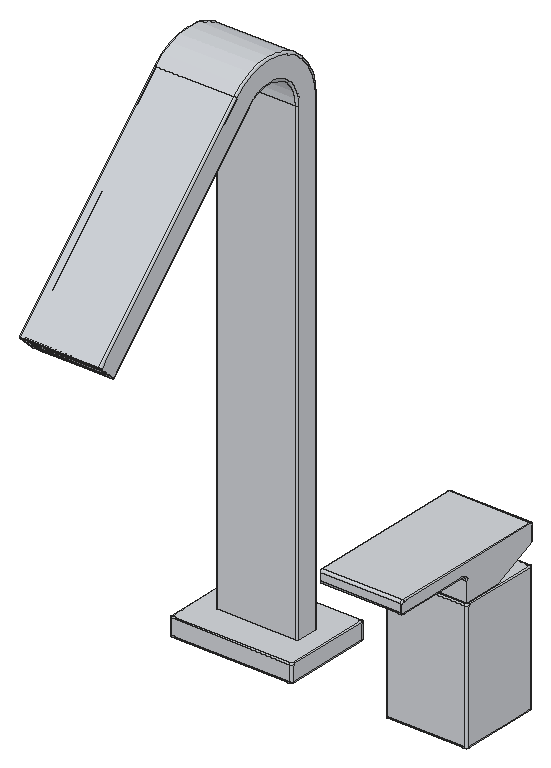
Revit family "Faucet-Deck_Mount-Bath-KOHLER-Loure-K-14675", category Plumbing Fixtures, host Face, Revit 2015
Parameters (values of type "CP- Polished Chrome")
  Width = 3 3/16"  # constant formula
  WaterSense Certified = 1 = 0  # no
  Waste Water Outlet = "Waste Water Outlet"  # constant formula
  Waste Connection = 1 = 0  # no
  Vent Connection = 1 = 0  # no
  URL = "https://www.us.kohler.com/us/"
  Type = 1
  Spout Reach = 6 1/2"  # constant formula
  Product Page URL = "http://www.us.kohler.com/us/catalog/productDetails.jsp?productNumber=14675-4"
  Product Name = "Loure"  # constant formula
  Product Documentation Link = "https://www.us.kohler.com/webassets/kpna/catalog/pdf/en/K-14675-4_spec.pdf"
  Pressure = 45.00 psi  # constant formula
  Model = if(Type = 1, "K-14675-4-CP", if(Type = 2, "K-14675-4-SN", if(Type = 3, "K-14675-4-BN", "NA")))  # "K-14675-4-CP"
  Material = "Premium Metal Construction"  # constant formula
  MasterFormat 2004 = "22.41.39"  # constant formula
  MasterFormat 1995 = "15410"  # constant formula
  Manufacturer Address = "444 Highland Dr, Kohler, WI 53044"  # constant formula
  Manufacturer = "KOHLER Co."  # constant formula
  Length = Spout Reach  # 6 1/2"
  Hot Water Inlet = "Hot Water Inlet"  # constant formula
  Height = 14 7/16"  # constant formula
  Handle Clearance = 3 3/16"  # constant formula
  HW Connection = 1 = 1  # yes
  Flow Rate = 15 GPM  # constant formula
  Finish = Kohler-Metal-CP-Polished_Chrome
  Faucet Hole Spacing [instance] = 5"
  Environmental Product Declaration = ""
  Drain Included = 1 = 0  # no
  Description = "Deck-mount high-flow bath faucet"  # constant formula
  Default Elevation = 36"
  Declare Label = ""
  Date Modified = "02/13/2019"  # constant formula
  Date Created = "02/13/2019"  # constant formula
  Copyright = "Copyright KOHLER Co."  # constant formula
  Contact Us = "https://www.us.kohler.com/us/static/contact.jsp"
  Cold Water Inlet = "Cold Water Inlet"  # constant formula
  CW Connection = 1 = 1  # yes
  Assembly Code = "D2010"
  ADA Compliant = 1 = 0  # no
Types (4): name | Type | Model | Finish
  (no name) | 1 | "K-14675-4-CP" | Kohler-Metal-CP-Polished_Chrome
  CP- Polished Chrome | 1 | "K-14675-4-CP" | Kohler-Metal-CP-Polished_Chrome
  SN- Vibrant Polished Nickel | 2 | "K-14675-4-SN" | Kohler-Metal-SN-Vibrant_Polished_Nickel
  BN- Vibrant Brushed Nickel | 3 | "K-14675-4-BN" | Kohler-Metal-BN-Vibrant_Brushed_Nickel
Reference planes (in)
  plane 1 "Center (Front/Back)": y = 0
  plane 2: z = 0
  plane 3 "Center (Left/Right)": x = 0
  plane 4: x = -1.59375
  plane 5: x = 1.59375
  plane 6: x = -1.59375
  plane 7: z = 14.4375
  plane 8: z = 9.375
  plane 9: y = -6.5
  plane 10: z = 4.375
  plane 11: y = -3.19
  plane 12: y = 1.06
  plane 13: x = 5
  plane 14: y = 1.16535
  plane 15: y = -1.16535
  plane 16: x = 3.9375
  plane 17: x = 6.0625
Dimensions and locks (in)
  "Height": plane 7 to level
  "Length": nested 1 to plane 9
  plane 8 to level = 9 3/8"
  plane 10 to level = 4 3/8"
  plane 11 to plane 12 = 4 1/4"
  equal spacing: plane 16, plane 13, plane 17
  plane 16 to plane 17 = 2 1/8"
  "Faucet Hole Spacing": plane 3 "Center (Left/Right)" to plane 13
  locked: plane 6 to plane 5 at 3.1875
  aligned and locked: plane 2 to host face
  aligned and locked: level to host face
  aligned and locked: plane 13 to nested 2
Automatic sketch dimensions
  host sketch curve to host sketch curve = 96"  (x2)
Nested families (in)
  nested 1: "K-14675_Spout" at (0, 0, 0), type "K-14675_Spout"
  nested 2: "K-14675_Handle" at (5, 0, 0), type "K-14675_Handle"
Connectors (in)
  piping at (4.62802, 0, 0), diameter 0.5, driven by "Flow Rate", driven by "Pressure", driven by "HW Connection", driven by "Hot Water Inlet"
    settings: on nested 2, index 1, connector inside diameter 24", connector length 0", flow factor 0, pipe flow 15 GPM, pressure drop 45.00 psi, fitting loss kfactor 0, connector angle 0.00°, fixture units 0, engagement length 0", angle of deflection 0.00°, flow configuration 1, flow direction 1, fitting loss method 4, system type 19, joint type 0, gender type 0, connector reference index -1, connector utility 1, adjustable connector no, is connector primary yes, connector description "Hot Water Inlet"
  piping at (5.37198, 0, 0), diameter 0.5, driven by "Flow Rate", driven by "Pressure", driven by "CW Connection", driven by "Cold Water Inlet"
    settings: on nested 2, index 2, connector inside diameter 24", connector length 0", flow factor 0, pipe flow 15 GPM, pressure drop 45.00 psi, fitting loss kfactor 0, connector angle 0.00°, fixture units 0, engagement length 0", angle of deflection 0.00°, flow configuration 1, flow direction 1, fitting loss method 4, system type 20, joint type 0, gender type 0, connector reference index -1, connector utility 1, adjustable connector no, is connector primary no, connector description "Cold Water Inlet"
Definition of nested family "K-14675_Spout"
  Parameters (values of type "K-14675_Spout")
    Material = none
  Reference planes (in)
    plane 1 "Center (Front/Back)": y = 0
    plane 2: z = 0
    plane 3 "Center (Left/Right)": x = 0
    plane 4: x = 1.59375
    plane 5: x = -1.59375
    plane 6: z = 14.4375
    plane 7: z = 9.375
    plane 8: y = -6.5
    plane 9: x = -1.0625
    plane 10: x = 1.0625
    plane 11 "abd": through (0, -6.49887, 9.37387) normal (0, 0.7071, 0.7071)
    plane 12 "xz": through (0, -6.49887, 9.37387) normal (0, 0.7071, -0.7071)
    plane 13: y = 1.16535
    plane 14: y = -1.16535
  Forms (in)
    Sweep 1, solid, material <- "Material", detail levels medium+fine
      path origin (0, 0, 0) x (1, 0, 0) y (0, 1, 0)
        loop
          line (1.55859, -1.10281) -> (1.55859, 1.10281)
          arc (1.55859, 1.10281) -> (1.55059, 1.12214) -> (1.53125, 1.13015) r 0.02734
          line (1.53125, 1.13015) -> (-1.53126, 1.13015)
          arc (-1.53126, 1.13015) -> (-1.55059, 1.12214) -> (-1.5586, 1.10281) r 0.02734
          line (-1.5586, 1.10281) -> (-1.5586, -1.10281)
          arc (-1.5586, -1.10281) -> (-1.55059, -1.12214) -> (-1.53126, -1.13015) r 0.02734
          line (-1.53126, -1.13015) -> (1.53125, -1.13015)
          arc (1.53125, -1.13015) -> (1.55059, -1.12214) -> (1.55859, -1.10281) r 0.02734
      profile origin (1.55859, 0, 0) x (-1, 0, 0) y (0, 0, 1)
        loop
          line (0.02393, 0) -> (0.02393, 0.46) -> (-0.01106, 0.46)
          arc (-0.01106, 0.46) -> (-0.02809, 0.45294) -> (-0.03515, 0.43591) r 0.02409
          line (-0.03515, 0.43591) -> (-0.03515, 0.02479)
          arc (-0.03515, 0.02479) -> (-0.02789, 0.00726) -> (-0.01036, 0) r 0.02479
          line (-0.01036, 0) -> (0.02393, 0)
    Extrusion 2, solid, material <- "Material", detail levels medium+fine
      sketch origin (0, 0, 0) x (1, 0, 0) y (0, 1, 0)
        loop
          line (-1.53467, 1.10622) -> (-1.53467, -1.10622) -> (1.53467, -1.10622) -> (1.53467, 1.10622) -> (-1.53467, 1.10622)
      from 0 to 0.45946
    Sweep 3, solid, material <- "Material", detail levels medium+fine
      path origin (0, 0, 0) x (0, 1, 0) y (0, 0, 1)
        loop
          line (-6.32227, 9.19727) -> (-1.93214, 13.58739)
          arc (-1.93214, 13.58739) -> (-0.86198, 13.80026) -> (-0.25578, 12.89302) r 0.98199
          line (-0.25578, 12.89302) -> (-0.25578, 0.44199)
      profile origin (0, -4.1272, 11.39233) x (0, -0.707107, 0.707107) y (1, 0, 0)
        loop
          line (-0.06245, 1.01561) -> (-0.06245, -1.01563)
          arc (-0.06245, -1.01563) -> (-0.04872, -1.04877) -> (-0.01557, -1.0625) r 0.04688
          line (-0.01557, -1.0625) -> (0.51509, -1.0625)
          arc (0.51509, -1.0625) -> (0.54878, -1.04855) -> (0.56274, -1.01486) r 0.04764
          line (0.56274, -1.01486) -> (0.56274, 1.01562)
          arc (0.56274, 1.01562) -> (0.54901, 1.04877) -> (0.51586, 1.0625) r 0.04688
          line (0.51586, 1.0625) -> (-0.01555, 1.0625)
          arc (-0.01555, 1.0625) -> (-0.04871, 1.04876) -> (-0.06245, 1.01561) r 0.04689
    Extrusion 4, void
      sketch origin (0, 1.4375, 1.4375) x (0, 0.707107, -0.707107) y (-1, 0, 0)
        loop
          arc (-11.35952, 0.94) -> (-11.41033, 0.92415) -> (-11.43217, 0.87561) r 0.06486
          line (-11.43217, 0.87561) -> (-11.43217, 0.83537)
          arc (-11.43217, 0.83537) -> (-11.43002, 0.81085) -> (-11.42365, 0.78707) r 0.1412
          line (-11.42365, 0.78707) -> (-11.39274, 0.70213)
          arc (-11.39274, 0.70213) -> (-11.38483, 0.67263) -> (-11.38217, 0.6422) r 0.17521
          line (-11.38217, 0.6422) -> (-11.38217, -0.64173)
          arc (-11.38217, -0.64173) -> (-11.38483, -0.67216) -> (-11.39274, -0.70166) r 0.17521
          line (-11.39274, -0.70166) -> (-11.42365, -0.7866)
          arc (-11.42365, -0.7866) -> (-11.43002, -0.81038) -> (-11.43217, -0.8349) r 0.1412
          line (-11.43217, -0.8349) -> (-11.43217, -0.87514)
          arc (-11.43217, -0.87514) -> (-11.41317, -0.921) -> (-11.36731, -0.94) r 0.06486
          line (-11.36731, -0.94) -> (-11.09336, -0.94)
          arc (-11.09336, -0.94) -> (-11.04656, -0.92061) -> (-11.02717, -0.87381) r 0.06619
          line (-11.02717, -0.87381) -> (-11.02717, -0.83667)
          arc (-11.02717, -0.83667) -> (-11.02947, -0.81041) -> (-11.03629, -0.78494) r 0.15125
          line (-11.03629, -0.78494) -> (-11.06657, -0.70176)
          arc (-11.06657, -0.70176) -> (-11.0745, -0.67216) -> (-11.07717, -0.64163) r 0.17581
          line (-11.07717, -0.64163) -> (-11.07717, 0.63981)
          arc (-11.07717, 0.63981) -> (-11.07434, 0.67213) -> (-11.06595, 0.70346) r 0.18609
          line (-11.06595, 0.70346) -> (-11.03831, 0.7794)
          arc (-11.03831, 0.7794) -> (-11.02998, 0.81049) -> (-11.02717, 0.84256) r 0.18467
          line (-11.02717, 0.84256) -> (-11.02717, 0.87624)
          arc (-11.02717, 0.87624) -> (-11.04584, 0.92133) -> (-11.09093, 0.94) r 0.06376
          line (-11.09093, 0.94) -> (-11.35952, 0.94)
      from 0.03049 to 3.41528
    Extrusion 5, void
      sketch origin (0, 1.4375, 1.4375) x (0, 0.707107, -0.707107) y (-1, 0, 0)
        loop
          arc (-11.37717, 1.01) -> (-11.46556, 0.97339) -> (-11.50217, 0.885) r 0.125
          line (-11.50217, 0.885) -> (-11.50217, -0.885)
          arc (-11.50217, -0.885) -> (-11.46556, -0.97339) -> (-11.37717, -1.01) r 0.125
          line (-11.37717, -1.01) -> (-11.08217, -1.01)
          arc (-11.08217, -1.01) -> (-10.99378, -0.97339) -> (-10.95717, -0.885) r 0.125
          line (-10.95717, -0.885) -> (-10.95717, 0.88483)
          arc (-10.95717, 0.88483) -> (-10.99383, 0.97334) -> (-11.08234, 1.01) r 0.12517
          line (-11.08234, 1.01) -> (-11.37717, 1.01)
      from 0 to 0.03049
    Extrusion 6, solid, material <- "Material", detail levels coarse
      sketch origin (0, 0, 0) x (1, 0, 0) y (0, 1, 0)
        loop
          line (1.64281, 1.21431) -> (-1.64053, 1.21431) -> (-1.64053, -1.2144) -> (1.64281, -1.2144) -> (1.64281, 1.21431)
      from 0 to 0.48595
    Sweep 7, solid, material <- "Material", detail levels coarse
      path origin (0, 0, 0) x (0, 1, 0) y (0, 0, 1)
        loop
          line (-0.31823, 0.45946) -> (-0.31823, 12.88802)
          arc (-0.31823, 12.88802) -> (-0.88715, 13.73948) -> (-1.89152, 13.5397) r 0.92161
          line (-1.89152, 13.5397) -> (-6.31094, 9.12028)
      profile origin (0, -6.31094, 9.12028) x (0, -0.707107, 0.707107) y (1, 0, 0)
        loop
          line (-0.03125, -1.09375) -> (0.65643, -1.09375) -> (0.65643, 1.09375) -> (-0.03125, 1.09375) -> (-0.03125, -1.09375)
  Cuts and joins
    Extrusion 4 cuts Sweep 1
    Extrusion 4 cuts Extrusion 2
    Extrusion 4, Extrusion 5 cuts Sweep 3
    joined: Sweep 1, Extrusion 2, Sweep 3
    joined: Extrusion 6, Sweep 7
  Lines and regions (in)
    Masking region 1
      outline origin (0, 0, 0) x (1, 0, 0) y (0, 1, 0)
        loop
          arc (-1.59375, -1.1028) -> (-1.57544, -1.14699) -> (-1.53125, -1.1653) r 0.0625
          line (-1.53125, -1.1653) -> (-1.0625, -1.1653) -> (-1.0625, -6.68077)
          arc (-1.0625, -6.68077) -> (-1.05096, -6.70864) -> (-1.02309, -6.72018) r 0.03941
          line (-1.02309, -6.72018) -> (1.02297, -6.72018)
          arc (1.02297, -6.72018) -> (1.05092, -6.7086) -> (1.0625, -6.68065) r 0.03953
          line (1.0625, -6.68065) -> (1.0625, -1.1653) -> (1.53125, -1.1653)
          arc (1.53125, -1.1653) -> (1.57544, -1.14699) -> (1.59375, -1.1028) r 0.0625
          line (1.59375, -1.1028) -> (1.59375, 1.10285)
          arc (1.59375, 1.10285) -> (1.57544, 1.14705) -> (1.53125, 1.16535) r 0.0625
          line (1.53125, 1.16535) -> (-1.53114, 1.16535)
          arc (-1.53114, 1.16535) -> (-1.57541, 1.14701) -> (-1.59375, 1.10274) r 0.06261
          line (-1.59375, 1.10274) -> (-1.59375, -1.1028)
    Masking region 2
      outline origin (0, 0, 0) x (1, 0, 0) y (0, 0, 1)
        loop
          line (-1.0625, 0.46) -> (-1.57031, 0.46)
          arc (-1.57031, 0.46) -> (-1.58689, 0.45313) -> (-1.59375, 0.43656) r 0.02344
          line (-1.59375, 0.43656) -> (-1.59375, 0.02344)
          arc (-1.59375, 0.02344) -> (-1.58689, 0.00686) -> (-1.57031, 0) r 0.02344
          line (-1.57031, 0) -> (1.56847, 0)
          arc (1.56847, 0) -> (1.58634, 0.00741) -> (1.59375, 0.02528) r 0.02528
          line (1.59375, 0.02528) -> (1.59375, 0.43656)
          arc (1.59375, 0.43656) -> (1.58689, 0.45313) -> (1.57031, 0.46) r 0.02344
          line (1.57031, 0.46) -> (1.0625, 0.46) -> (1.0625, 14.39063)
          arc (1.0625, 14.39063) -> (1.04877, 14.42377) -> (1.01563, 14.4375) r 0.04688
          line (1.01563, 14.4375) -> (-1.01579, 14.4375)
          arc (-1.01579, 14.4375) -> (-1.04882, 14.42382) -> (-1.0625, 14.39079) r 0.04671
          line (-1.0625, 14.39079) -> (-1.0625, 0.46)
    Masking region 3
      outline origin (0, 0, 0) x (0, 1, 0) y (0, 0, 1)
        loop
          arc (-1.88809, 13.54313) -> (-0.88592, 13.74247) -> (-0.31823, 12.89287) r 0.9196
          line (-0.31823, 12.89287) -> (-0.31823, 0.46001) -> (-1.14137, 0.46001)
          arc (-1.14137, 0.46001) -> (-1.15829, 0.453) -> (-1.1653, 0.43607) r 0.02393
          line (-1.1653, 0.43607) -> (-1.1653, 0.02344)
          arc (-1.1653, 0.02344) -> (-1.15844, 0.00686) -> (-1.14187, 0) r 0.02344
          line (-1.14187, 0) -> (1.14187, 0)
          arc (1.14187, 0) -> (1.15844, 0.00686) -> (1.1653, 0.02344) r 0.02344
          line (1.1653, 0.02344) -> (1.1653, 0.43607)
          arc (1.1653, 0.43607) -> (1.15829, 0.453) -> (1.14137, 0.46001) r 0.02393
          line (1.14137, 0.46001) -> (0.30695, 0.46001) -> (0.30695, 12.89246)
          arc (0.30695, 12.89246) -> (-0.64678, 14.31981) -> (-2.33045, 13.98491) r 1.54495
          line (-2.33045, 13.98491) -> (-6.72018, 9.59518) -> (-6.27811, 9.15311) -> (-1.88809, 13.54313)
    symbolic lines, detail levels medium+fine
      curve 1: line (1.01563, 0.30695, 0) -> (-1.01486, 0.30695, 0)
      curve 2: line (-1.0625, -1.1653, 0) -> (-1.0625, 0.25931, 0)
      curve 3: line (1.0625, -1.1653, 0) -> (1.0625, 0.26008, 0)
      curve 4: arc (1.0625, 0.26008, 0) -> (1.04877, 0.29323, 0) -> (1.01563, 0.30695, 0) r 0.04688
      curve 5: arc (-1.01486, 0.30695, 0) -> (-1.04855, 0.293, 0) -> (-1.0625, 0.25931, 0) r 0.04764
      curve 6: line (1.0625, 0, 9.59518) -> (-1.0625, 0, 9.59518)
      curve 7: line (-0.885, 0, 9.57076) -> (0.885, 0, 9.57076)
      curve 8: line (-1.01, 0, 9.48237) -> (-1.01, 0, 9.2739)
      curve 9: spline (-1.01, 0, 9.48237) -> (-1.00893, 0, 9.49391) -> (-1.00574, 0, 9.50525) -> (-1.00048, 0, 9.5162) -> (-0.99325, 0, 9.52657) -> (-0.98417, 0, 9.53618) -> (-0.97339, 0, 9.54487) -> (-0.96109, 0, 9.5525) -> (-0.9475, 0, 9.55892) -> (-0.93283, 0, 9.56403) -> (-0.91735, 0, 9.56775) -> (-0.90132, 0, 9.57001) -> (-0.885, 0, 9.57076)
      curve 10: spline (0.885, 0, 9.57076) -> (0.90132, 0, 9.57001) -> (0.91735, 0, 9.56775) -> (0.93284, 0, 9.56403) -> (0.9475, 0, 9.55892) -> (0.9611, 0, 9.5525) -> (0.97339, 0, 9.54487) -> (0.98417, 0, 9.53618) -> (0.99325, 0, 9.52657) -> (1.00049, 0, 9.5162) -> (1.00574, 0, 9.50525) -> (1.00893, 0, 9.49391) -> (1.01, 0, 9.48237)
      curve 11: line (1.01, 0, 9.27378) -> (1.01, 0, 9.48237)
      curve 12: spline (1.01, 0, 9.27378) -> (1.00893, 0, 9.26224) -> (1.00574, 0, 9.2509) -> (1.00049, 0, 9.23995) -> (0.99325, 0, 9.22958) -> (0.98417, 0, 9.21997) -> (0.97339, 0, 9.21128) -> (0.9611, 0, 9.20365) -> (0.9475, 0, 9.19723) -> (0.93284, 0, 9.19212) -> (0.91735, 0, 9.1884) -> (0.90132, 0, 9.18615) -> (0.885, 0, 9.18539)
      curve 13: line (0.885, 0, 9.18539) -> (-0.88483, 0, 9.18539)
      curve 14: spline (-0.88483, 0, 9.18539) -> (-0.90116, 0, 9.18615) -> (-0.91722, 0, 9.1884) -> (-0.93273, 0, 9.19213) -> (-0.94741, 0, 9.19725) -> (-0.96103, 0, 9.20368) -> (-0.97334, 0, 9.21131) -> (-0.98413, 0, 9.22002) -> (-0.99323, 0, 9.22964) -> (-1.00047, 0, 9.24003) -> (-1.00573, 0, 9.25099) -> (-1.00893, 0, 9.26235) -> (-1.01, 0, 9.2739)
      curve 15: line (-0.83537, 0, 9.54282) -> (-0.87561, 0, 9.54282)
      curve 16: spline (-0.87561, 0, 9.54282) -> (-0.88343, 0, 9.54249) -> (-0.89113, 0, 9.54149) -> (-0.89861, 0, 9.53984) -> (-0.90576, 0, 9.53756) -> (-0.91246, 0, 9.5347) -> (-0.91863, 0, 9.53128) -> (-0.92417, 0, 9.52736) -> (-0.929, 0, 9.523) -> (-0.93305, 0, 9.51826) -> (-0.93626, 0, 9.5132) -> (-0.93859, 0, 9.50791) -> (-0.94, 0, 9.50246)
      curve 17: spline (-0.94, 0, 9.30153) -> (-0.93945, 0, 9.29564) -> (-0.93783, 0, 9.28986) -> (-0.93515, 0, 9.28427) -> (-0.93146, 0, 9.27898) -> (-0.92682, 0, 9.27408) -> (-0.92133, 0, 9.26965) -> (-0.91505, 0, 9.26576) -> (-0.90812, 0, 9.26248) -> (-0.90064, 0, 9.25987) -> (-0.89274, 0, 9.25798) -> (-0.88456, 0, 9.25683) -> (-0.87624, 0, 9.25644)
      curve 18: spline (-0.84256, 0, 9.25644) -> (-0.83719, 0, 9.2565) -> (-0.83182, 0, 9.25666) -> (-0.82647, 0, 9.25694) -> (-0.82112, 0, 9.25733) -> (-0.8158, 0, 9.25782) -> (-0.81049, 0, 9.25843) -> (-0.80522, 0, 9.25914) -> (-0.79997, 0, 9.25996) -> (-0.79477, 0, 9.26089) -> (-0.7896, 0, 9.26193) -> (-0.78447, 0, 9.26307) -> (-0.7794, 0, 9.26432)
      curve 19: line (-0.87624, 0, 9.25644) -> (-0.84256, 0, 9.25644)
      curve 20: line (-0.7794, 0, 9.26432) -> (-0.70346, 0, 9.28386)
      curve 21: spline (-0.70346, 0, 9.28386) -> (-0.69835, 0, 9.28512) -> (-0.69318, 0, 9.28627) -> (-0.68798, 0, 9.28731) -> (-0.68273, 0, 9.28825) -> (-0.67744, 0, 9.28908) -> (-0.67213, 0, 9.2898) -> (-0.66678, 0, 9.29041) -> (-0.66142, 0, 9.29091) -> (-0.65603, 0, 9.2913) -> (-0.65063, 0, 9.29158) -> (-0.64522, 0, 9.29174) -> (-0.63981, 0, 9.2918)
      curve 22: line (-0.63981, 0, 9.2918) -> (0.64163, 0, 9.2918)
      curve 23: spline (0.64163, 0, 9.2918) -> (0.64674, 0, 9.29175) -> (0.65185, 0, 9.29159) -> (0.65695, 0, 9.29133) -> (0.66204, 0, 9.29096) -> (0.66711, 0, 9.29049) -> (0.67216, 0, 9.28991) -> (0.67718, 0, 9.28923) -> (0.68217, 0, 9.28845) -> (0.68713, 0, 9.28756) -> (0.69205, 0, 9.28658) -> (0.69693, 0, 9.28549) -> (0.70176, 0, 9.2843)
      curve 24: line (0.70176, 0, 9.2843) -> (0.78494, 0, 9.26289)
      curve 25: line (0.83667, 0, 9.25644) -> (0.87381, 0, 9.25644)
      curve 26: spline (0.87381, 0, 9.25644) -> (0.88245, 0, 9.25684) -> (0.89094, 0, 9.25804) -> (0.89914, 0, 9.26001) -> (0.90691, 0, 9.26271) -> (0.91411, 0, 9.26611) -> (0.92061, 0, 9.27015) -> (0.92632, 0, 9.27475) -> (0.93113, 0, 9.27984) -> (0.93496, 0, 9.28533) -> (0.93775, 0, 9.29113) -> (0.93943, 0, 9.29714) -> (0.94, 0, 9.30324)
      curve 27: spline (0.78494, 0, 9.26289) -> (0.7891, 0, 9.26187) -> (0.79329, 0, 9.26094) -> (0.79752, 0, 9.26009) -> (0.80179, 0, 9.25933) -> (0.80608, 0, 9.25865) -> (0.81041, 0, 9.25807) -> (0.81475, 0, 9.25757) -> (0.81911, 0, 9.25717) -> (0.82349, 0, 9.25685) -> (0.82788, 0, 9.25662) -> (0.83227, 0, 9.25649) -> (0.83667, 0, 9.25644)
      curve 28: line (0.94, 0, 9.30324) -> (0.94, 0, 9.49696)
      curve 29: spline (0.94, 0, 9.49696) -> (0.93945, 0, 9.50294) -> (0.93779, 0, 9.50883) -> (0.93506, 0, 9.51451) -> (0.93131, 0, 9.51989) -> (0.9266, 0, 9.52488) -> (0.921, 0, 9.52939) -> (0.91462, 0, 9.53334) -> (0.90757, 0, 9.53668) -> (0.89996, 0, 9.53933) -> (0.89193, 0, 9.54126) -> (0.88361, 0, 9.54243) -> (0.87514, 0, 9.54282)
      curve 30: spline (-0.78707, 0, 9.5368) -> (-0.79095, 0, 9.53775) -> (-0.79487, 0, 9.53863) -> (-0.79882, 0, 9.53942) -> (-0.8028, 0, 9.54013) -> (-0.80681, 0, 9.54076) -> (-0.81085, 0, 9.5413) -> (-0.8149, 0, 9.54177) -> (-0.81897, 0, 9.54215) -> (-0.82306, 0, 9.54244) -> (-0.82716, 0, 9.54265) -> (-0.83126, 0, 9.54278) -> (-0.83537, 0, 9.54282)
      curve 31: line (-0.70213, 0, 9.51494) -> (-0.78707, 0, 9.5368)
      curve 32: spline (-0.6422, 0, 9.50747) -> (-0.6473, 0, 9.50752) -> (-0.65239, 0, 9.50768) -> (-0.65747, 0, 9.50794) -> (-0.66254, 0, 9.5083) -> (-0.66759, 0, 9.50877) -> (-0.67263, 0, 9.50935) -> (-0.67763, 0, 9.51003) -> (-0.68261, 0, 9.51081) -> (-0.68755, 0, 9.51169) -> (-0.69245, 0, 9.51267) -> (-0.69731, 0, 9.51375) -> (-0.70213, 0, 9.51494)
      curve 33: line (0.64173, 0, 9.50747) -> (-0.6422, 0, 9.50747)
      curve 34: spline (0.70166, 0, 9.51494) -> (0.69684, 0, 9.51375) -> (0.69198, 0, 9.51267) -> (0.68708, 0, 9.51169) -> (0.68214, 0, 9.51081) -> (0.67716, 0, 9.51003) -> (0.67216, 0, 9.50935) -> (0.66713, 0, 9.50877) -> (0.66207, 0, 9.5083) -> (0.657, 0, 9.50794) -> (0.65192, 0, 9.50768) -> (0.64683, 0, 9.50752) -> (0.64173, 0, 9.50747)
      curve 35: line (0.7866, 0, 9.5368) -> (0.70166, 0, 9.51494)
      curve 36: spline (0.8349, 0, 9.54282) -> (0.83079, 0, 9.54278) -> (0.82669, 0, 9.54265) -> (0.82259, 0, 9.54244) -> (0.81851, 0, 9.54215) -> (0.81443, 0, 9.54177) -> (0.81038, 0, 9.5413) -> (0.80634, 0, 9.54076) -> (0.80234, 0, 9.54013) -> (0.79835, 0, 9.53942) -> (0.7944, 0, 9.53863) -> (0.79048, 0, 9.53775) -> (0.7866, 0, 9.5368)
      curve 37: line (0.87514, 0, 9.54282) -> (0.8349, 0, 9.54282)
      curve 38: line (-0.94, 0, 9.50246) -> (-0.94, 0, 9.30153)
      curve 39: line (-1.0625, 0, 9.15311) -> (1.0625, 0, 9.15311)
      curve 40: line (-1.0625, 0, 9.15311) -> (-1.0625, 0, 9.59518)
      curve 41: line (1.0625, 0, 9.15311) -> (1.0625, 0, 9.59518)
      curve 42: line (0, -0.31823, 0.46001) -> (0, 0.30695, 0.46001)
      curve 43: line (-1.0625, 0, 0.46) -> (1.0625, 0, 0.46)
  Dimensions and locks (in)
    plane 6 to level = 14 7/16"
    plane 1 "Center (Front/Back)" to plane 8 = 6 1/2"
    plane 7 to level = 9 3/8"
    plane 5 to plane 4 = 3 3/16"
    plane 14 to plane 13 = 2.3307"
    aligned and locked: plane 2 to level
Definition of nested family "K-14675_Handle"
  Parameters (values of type "K-14675_Handle")
    Material = none
  Reference planes (in)
    plane 1 "Center (Front/Back)": y = 0
    plane 2: z = 0
    plane 3 "Center (Left/Right)": x = 0
    plane 4: x = 1.0625
    plane 5: x = -1.0625
    plane 6: z = 4.375
    plane 7: y = -3.19
    plane 8: y = 1.06
    plane 9: y = -1.06
  Forms (in)
    Sweep 1, solid, material <- "Material", detail levels medium+fine
      path origin (0, 0, 0) x (1, 0, 0) y (0, 1, 0)
        loop
          line (1, 1.02875) -> (-1, 1.02875)
          arc (-1, 1.02875) -> (-1.0221, 1.0196) -> (-1.03125, 0.9975) r 0.03125
          line (-1.03125, 0.9975) -> (-1.03125, -0.9975)
          arc (-1.03125, -0.9975) -> (-1.0221, -1.0196) -> (-1, -1.02875) r 0.03125
          line (-1, -1.02875) -> (1, -1.02875)
          arc (1, -1.02875) -> (1.0221, -1.0196) -> (1.03125, -0.9975) r 0.03125
          line (1.03125, -0.9975) -> (1.03125, 0.9975)
          arc (1.03125, 0.9975) -> (1.0221, 1.0196) -> (1, 1.02875) r 0.03125
      profile origin (0, 1.02875, 0) x (0, -1, 0) y (0, 0, 1)
        loop
          line (0.02393, 3.36026) -> (-0.00757, 3.36026)
          arc (-0.00757, 3.36026) -> (-0.02708, 3.35218) -> (-0.03516, 3.33267) r 0.02759
          line (-0.03516, 3.33267) -> (-0.03516, 0.02734)
          arc (-0.03516, 0.02734) -> (-0.02715, 0.00801) -> (-0.00781, 0) r 0.02734
          line (-0.00781, 0) -> (0.02393, 0) -> (0.02393, 3.36026)
    Extrusion 2, solid, material <- "Material", detail levels medium+fine
      sketch origin (0, 0, 0) x (1, 0, 0) y (0, 1, 0)
        loop
          line (-1.01433, -1.01127) -> (1.01433, -1.01127) -> (1.01433, 1.01127) -> (-1.01433, 1.01127) -> (-1.01433, -1.01127)
      from 0 to 3.36026
    Extrusion 3, solid, material <- "Material", detail levels medium+fine
      sketch origin (0, 0, 0) x (1, 0, 0) y (0, 1, 0)
        loop
          line (1.0625, 1.06) -> (-1.0625, 1.06) -> (-1.0625, -1.06) -> (1.0625, -1.06) -> (1.0625, 1.06)
      from 3.41817 to 3.91518
    Sweep 4, solid, material <- "Material", detail levels medium+fine
      path origin (0, 0, 0) x (0, 1, 0) y (0, 0, 1)
        loop
          arc (-1.06, 3.91518) -> (-1.10019, 4.01221) -> (-1.19721, 4.05239) r 0.13721
          line (-1.19721, 4.05239) -> (-3.1275, 4.05239)
          arc (-3.1275, 4.05239) -> (-3.17169, 4.0707) -> (-3.19, 4.11489) r 0.0625
          line (-3.19, 4.11489) -> (-3.19, 4.3125)
          arc (-3.19, 4.3125) -> (-3.17169, 4.35669) -> (-3.1275, 4.375) r 0.0625
          line (-3.1275, 4.375) -> (0.9975, 4.375)
          arc (0.9975, 4.375) -> (1.04169, 4.35669) -> (1.06, 4.3125) r 0.0625
          line (1.06, 4.3125) -> (1.06, 3.86447)
      profile origin (0, 1.06, 4.08848) x (1, 0, 0) y (0, 1, 0)
        loop
          line (1.03906, 0) -> (-1.03906, 0)
          arc (-1.03906, 0) -> (-1.05564, -0.00686) -> (-1.0625, -0.02344) r 0.02344
          line (-1.0625, -0.02344) -> (-1.0625, -0.06211) -> (1.0625, -0.06211) -> (1.0625, -0.02344)
          arc (1.0625, -0.02344) -> (1.05564, -0.00686) -> (1.03906, 0) r 0.02344
    Extrusion 5, void
      sketch origin (0, 0, 0) x (0, 1, 0) y (0, 0, 1)
        loop
          line (1.08603, 3.94972) -> (-0.05894, 3.41581) -> (1.08603, 3.41581) -> (1.08603, 3.94972)
      from -1.17553 to 1.21391
    Revolve 6, solid, material <- "Material", detail levels medium+fine
      sketch origin (0, 0, 0) x (0, 1, 0) y (0, 0, 1)
        loop
          line (0.92448, 3.33215) -> (0.92448, 3.92884) -> (0, 3.92884) -> (0, 3.33215) -> (0.92448, 3.33215)
        axis (0, 3.33215) -> (0, 3.92884)
      angle from 0 to 360
    Extrusion 7, solid, material <- "Material", detail levels medium+fine
      sketch origin (0, 0, 0) x (0, 1, 0) y (0, 0, 1)
        loop
          line (-3.12789, 4.1145) -> (-1.19721, 4.1145)
          arc (-1.19721, 4.1145) -> (-1.05627, 4.05612) -> (-0.99789, 3.91518) r 0.19932
          line (-0.99789, 3.91518) -> (0.99789, 3.91518) -> (0.99789, 4.31289) -> (-3.12789, 4.31289) -> (-3.12789, 4.1145)
      from -1.0625 to 1.0625
    Extrusion 8, void
      sketch origin (0, 0, -0.02734) x (1, 0, 0) y (0, 0, 1)
        loop
          circle (0.00087, 3.78992) r 0.18905
        loop
          circle (0.00087, 3.78992) r 0.16588
      from 0.98657 to 1.13429
    Extrusion 9, solid, material <- "Material", detail levels coarse
      sketch origin (0, 0, 0) x (1, 0, 0) y (0, 1, 0)
        loop
          line (-1.10599, 1.08233) -> (-1.10599, -1.07521) -> (1.09717, -1.07521) -> (1.09717, 1.08233) -> (-1.10599, 1.08233)
      from 0 to 3.94428
    Extrusion 10, solid, material <- "Material", detail levels coarse
      sketch origin (0, 0, 0) x (0, 1, 0) y (0, 0, 1)
        loop
          line (1.08233, 3.91518) -> (1.08233, 4.38853) -> (-3.20889, 4.38853) -> (-3.20889, 3.91518) -> (1.08233, 3.91518)
      from -1.10599 to 1.09717
    Extrusion 11, solid, material <- "Material", detail levels medium+fine
      sketch origin (0, 0, 0) x (1, 0, 0) y (0, 1, 0)
        loop
          circle (-0.37198, 0) r 0.15871
        loop
          circle (0.37198, 0) r 0.15871
      from 0 to 0.04101
  Cuts and joins
    joined: Extrusion 9, Extrusion 10
    Extrusion 5, Extrusion 8 cuts Extrusion 3
    Extrusion 5, Extrusion 8 cuts Sweep 4
    joined: Sweep 1, Extrusion 2, Extrusion 3, Sweep 4, Revolve 6, Extrusion 7
  Lines and regions (in)
    Masking region 1
      outline origin (0, 0, 0) x (1, 0, 0) y (0, 1, 0)
        loop
          arc (-1.0625, -3.16656) -> (-1.05564, -3.18313) -> (-1.03906, -3.19) r 0.02344
          line (-1.03906, -3.19) -> (1.03906, -3.19)
          arc (1.03906, -3.19) -> (1.05564, -3.18313) -> (1.0625, -3.16656) r 0.02344
          line (1.0625, -3.16656) -> (1.0625, 1.03656)
          arc (1.0625, 1.03656) -> (1.05564, 1.05314) -> (1.03906, 1.06) r 0.02344
          line (1.03906, 1.06) -> (-1.04048, 1.06)
          arc (-1.04048, 1.06) -> (-1.05605, 1.05355) -> (-1.0625, 1.03798) r 0.02202
          line (-1.0625, 1.03798) -> (-1.0625, -3.16656)
    Masking region 2
      outline origin (0, 0, 0) x (1, 0, 0) y (0, 0, 1)
        loop
          arc (-1.0625, 0.02781) -> (-1.05435, 0.00815) -> (-1.03469, 0) r 0.02781
          line (-1.03469, 0) -> (1.03482, 0)
          arc (1.03482, 0) -> (1.05439, 0.00811) -> (1.0625, 0.02768) r 0.02768
          line (1.0625, 0.02768) -> (1.0625, 3.33026)
          arc (1.0625, 3.33026) -> (1.05372, 3.35146) -> (1.03252, 3.36024) r 0.02998
          line (1.03252, 3.36024) -> (0.9467, 3.36024)
          arc (0.9467, 3.36024) -> (0.9318, 3.37322) -> (0.92455, 3.39161) r 0.0417
          arc (0.92455, 3.39161) -> (0.92674, 3.40664) -> (0.93663, 3.41817) r 0.02734
          line (0.93663, 3.41817) -> (1.0625, 3.41817) -> (1.0625, 4.35156)
          arc (1.0625, 4.35156) -> (1.05564, 4.36814) -> (1.03906, 4.375) r 0.02344
          line (1.03906, 4.375) -> (-1.0404, 4.375)
          arc (-1.0404, 4.375) -> (-1.05603, 4.36853) -> (-1.0625, 4.3529) r 0.0221
          line (-1.0625, 4.3529) -> (-1.0625, 4.07582) -> (-1.0625, 3.84214) -> (-1.0625, 3.41817) -> (-0.93663, 3.41817)
          arc (-0.93663, 3.41817) -> (-0.92674, 3.40664) -> (-0.92455, 3.39161) r 0.02734
          arc (-0.92455, 3.39161) -> (-0.9318, 3.37322) -> (-0.9467, 3.36024) r 0.0417
          line (-0.9467, 3.36024) -> (-1.03252, 3.36024)
          arc (-1.03252, 3.36024) -> (-1.05372, 3.35146) -> (-1.0625, 3.33026) r 0.02998
          line (-1.0625, 3.33026) -> (-1.0625, 0.02781)
    Masking region 3
      outline origin (0, 0, 0) x (0, 1, 0) y (0, 0, 1)
        loop
          line (1.06, 0.02734) -> (1.06, 3.33155)
          arc (1.06, 3.33155) -> (1.0516, 3.35182) -> (1.03133, 3.36021) r 0.02867
          line (1.03133, 3.36021) -> (0.94611, 3.36021)
          arc (0.94611, 3.36021) -> (0.93037, 3.37488) -> (0.92455, 3.3956) r 0.03982
          line (0.92455, 3.3956) -> (0.92455, 3.87247) -> (1.02403, 3.91885)
          arc (1.02403, 3.91885) -> (1.05024, 3.94184) -> (1.06, 3.97532) r 0.0623
          line (1.06, 3.97532) -> (1.06, 4.31196)
          arc (1.06, 4.31196) -> (1.04154, 4.35654) -> (0.99697, 4.375) r 0.06304
          line (0.99697, 4.375) -> (-3.12845, 4.375)
          arc (-3.12845, 4.375) -> (-3.17197, 4.35697) -> (-3.19, 4.31345) r 0.06155
          line (-3.19, 4.31345) -> (-3.19, 4.11347)
          arc (-3.19, 4.11347) -> (-3.17207, 4.07019) -> (-3.12879, 4.05227) r 0.06121
          line (-3.12879, 4.05227) -> (-1.22175, 4.05227)
          arc (-1.22175, 4.05227) -> (-1.10738, 4.00489) -> (-1.06, 3.89051) r 0.16175
          line (-1.06, 3.89051) -> (-1.06, 3.41817) -> (-0.93798, 3.41817)
          arc (-0.93798, 3.41817) -> (-0.92751, 3.40716) -> (-0.92451, 3.39225) r 0.02745
          arc (-0.92451, 3.39225) -> (-0.93125, 3.37333) -> (-0.94649, 3.36026) r 0.03905
          line (-0.94649, 3.36026) -> (-1.06, 3.36026) -> (-1.06, 0.02807)
          arc (-1.06, 0.02807) -> (-1.05178, 0.00822) -> (-1.03193, 0) r 0.02807
          line (-1.03193, 0) -> (1.03266, 0)
          arc (1.03266, 0) -> (1.05199, 0.00801) -> (1.06, 0.02734) r 0.02734
    symbolic lines, detail levels medium+fine
      curve 1: line (1.0625, 0, 3.96336) -> (-1.0625, 0, 3.96336)
      curve 2: line (-0.93663, 0, 3.41817) -> (0.93663, 0, 3.41817)
      curve 3: line (-0.9467, 0, 3.36024) -> (0.9467, 0, 3.36024)
      curve 4: arc (0.16675, 0, 3.76648) -> (0.00087, 0, 3.6006) -> (-0.16501, 0, 3.76648) r 0.16588
      curve 5: arc (-0.16501, 0, 3.76648) -> (0.00087, 0, 3.93236) -> (0.16675, 0, 3.76648) r 0.16588
      curve 6: arc (0.18992, 0, 3.76648) -> (0.00087, 0, 3.95552) -> (-0.18818, 0, 3.76648) r 0.18905
      curve 7: arc (-0.18818, 0, 3.76648) -> (0.00087, 0, 3.57743) -> (0.18992, 0, 3.76648) r 0.18905
      curve 8: line (0, 0.92455, 3.87247) -> (0, -0.04968, 3.41817)
      curve 9: line (0, -0.93798, 3.41817) -> (0, -0.04968, 3.41817)
      curve 10: line (0, -0.94649, 3.36026) -> (0, 0.94548, 3.36026)
  Dimensions and locks (in)
    plane 6 to level = 4 3/8"
    plane 5 to plane 4 = 2 1/8"
    plane 7 to plane 8 = 4 1/4"
    aligned and locked: plane 2 to level
